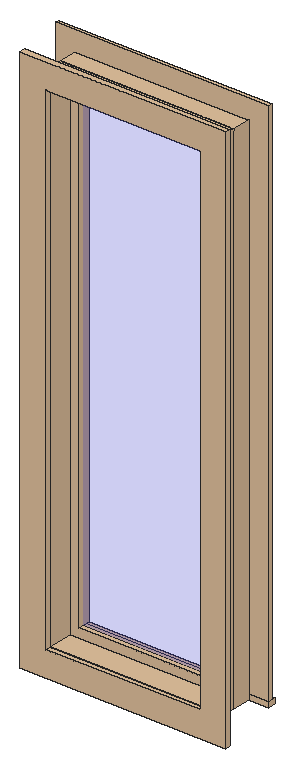
Revit family
Parameters (values of type "0610 x 1830mm")
  유리 창 재료 = 유리
  Height = 1830.00 mm
  섀시 = 섀시
  기본 씰 높이 = 610.00 mm
  자르기 외부 재료 = 자르기
  자르기 내부 재료 = 자르기
  자르기 투영 - 외부 = 13.00 mm
  자르기 투영 - 내부 = 19.00 mm
  자르기 폭 - 외부 = 89.00 mm
  자르기 폭 - 내부 = 88.90 mm
  Wall Closure = (empty or 0)
  Width = 610.00 mm
  창 인세트 = 19.00 mm
Types (10, lengths in mm): name | Height | 기본 씰 높이 | 자르기 투영 - 내부 | 자르기 폭 - 내부 | Width
  (no name) | 1830.00 | 610.00 | 19.00 | 88.90 | 610.00
  0915 x 1220mm | 1220.00 | 915.00 | 19.00 | 89.00 | 915.00
  0610 x 1220mm | 1220.00 | 915.00 | 19.00 | 89.00 | 610.00
  0610 x 0610mm | 610.00 | 915.00 | 9.00 | 89.00 | 610.00
  0406 x 0610mm | 610.00 | 915.00 | 19.00 | 89.00 | 406.00
  0406 x 1220mm | 1220.00 | 915.00 | 19.00 | 89.00 | 406.00
  0406 x 1830mm | 1830.00 | 305.00 | 19.00 | 89.00 | 406.00
  0610 x 1830mm | 1830.00 | 610.00 | 19.00 | 88.90 | 610.00
  0915 x 0610mm | 610.00 | 915.00 | 19.00 | 89.00 | 915.00
  0915 x 1830mm | 1830.00 | 305.00 | 19.00 | 89.00 | 915.00
Reference planes
  plane 1: y = 0
  plane 2: z = 0
  plane 3 "중심": x = 0
  plane 4 "왼쪽": x = -305
  plane 5 "오른쪽": x = 305
  plane 6 "씰": z = 610
  plane 7 "상단": z = 2440
  plane 8: y = 76.2
  plane 9: y = -76.2
  plane 10: y = 57.2
  plane 11: x = -273.25
  plane 12: x = -285.95
  plane 13: x = -362.15
  plane 14: x = -374.95
  plane 15: x = 273.25
  plane 16: x = 362.15
  plane 17: x = 374.95
  plane 18: x = 285.95
  plane 19: z = 2497.15
  plane 20: z = 2509.95
  plane 21: z = 2408.25
  plane 22: z = 2420.95
  plane 23: z = 552.85
  plane 24: z = 641.75
  plane 25 "마무리": y = 28.625
Forms (mm)
  Extrusion 1, solid, material "자르기" <- "자르기 외부 재료"
    sketch origin (0, 0, 0) x (1, 0, 0) y (0, 0, 1)
      loop
        line (-305, 2440) -> (-305, 610) -> (305, 610) -> (305, 2440) -> (-305, 2440)
      loop
        line (-285.95, 2420.95) -> (-285.95, 629.05) -> (285.95, 629.05) -> (285.95, 2420.95) -> (-285.95, 2420.95)
    from -76.2 to -12.75
  Extrusion 2, solid, material "자르기" <- "자르기 내부 재료"
    sketch origin (0, 0, 0) x (-1, 0, 0) y (0, 0, 1)
      loop
        line (-305, 2440) -> (-305, 610) -> (305, 610) -> (305, 2440) -> (-305, 2440)
      loop
        line (-273.25, 2408.25) -> (-273.25, 641.75) -> (273.25, 641.75) -> (273.25, 2408.25) -> (-273.25, 2408.25)
    from 12.75 to -76.2
  Extrusion 3, solid, material "섀시" <- "섀시"
    sketch origin (0, 0, 0) x (-1, 0, 0) y (0, 0, 1)
      loop
        line (-285.95, 2420.95) -> (-285.95, 629.05) -> (285.95, 629.05) -> (285.95, 2420.95) -> (-285.95, 2420.95)
      loop
        line (-241.5, 2376.5) -> (-241.5, 673.5) -> (241.5, 673.5) -> (241.5, 2376.5) -> (-241.5, 2376.5)
    from 12.75 to 57.2
  Extrusion 4, solid, material "유리" <- "유리 창 재료"
    sketch origin (-124.971, 0, -117.036) x (1, 0, 0) y (0, 0, 1)
      loop
        line (-116.529, 2493.536) -> (-116.529, 790.536) -> (366.471, 790.536) -> (366.471, 2493.536) -> (-116.529, 2493.536)
    from -41.325 to -28.625
  Extrusion 5, solid, material "자르기" <- "자르기 내부 재료"
    sketch origin (0, 0, 0) x (1, 0, 0) y (0, 0, 1)
      loop
        line (-273.25, 2408.25) -> (-273.25, 641.75) -> (273.25, 641.75) -> (273.25, 2408.25) -> (-273.25, 2408.25)
      loop
        line (-362.15, 2497.15) -> (-362.15, 552.85) -> (362.15, 552.85) -> (362.15, 2497.15) -> (-362.15, 2497.15)
    from 76.2 to 95.2
  Extrusion 6, solid, material "자르기" <- "자르기 외부 재료"
    sketch origin (0, 0, 0) x (-1, 0, 0) y (0, 0, 1)
      loop
        line (-285.95, 2420.95) -> (285.95, 2420.95) -> (285.95, 629.05) -> (374.95, 629.05) -> (374.95, 2509.95) -> (-374.95, 2509.95) -> (-374.95, 629.05) -> (-285.95, 629.05) -> (-285.95, 2420.95)
    from 76.2 to 89.2
  Extrusion 7, solid, material "자르기" <- "자르기 외부 재료"
    sketch origin (0, 0, 0) x (-1, 0, 0) y (0, 0, 1)
      loop
        line (-374.95, 629.05) -> (-374.95, 610) -> (374.95, 610) -> (374.95, 629.05) -> (-374.95, 629.05)
    from 76.2 to 101.9
Lines and regions (mm)
  Opening 1
    outline origin (-1524, -76.2, 0) x (1, 0, 0) y (0, 0, 1)
      loop
        line (1219, 2440) -> (1219, 610) -> (1829, 610) -> (1829, 2440) -> (1219, 2440)
  symbolic lines, style "WindowsFrameMullionProjection"
    curve 1: line (-305, 76.2, 0) -> (-285.95, 76.2, 0)
    curve 2: line (-285.95, 12.75, 0) -> (-285.95, 76.2, 0)
    curve 3: line (-285.95, 12.75, 0) -> (-273.25, 12.75, 0)
    curve 4: line (-273.25, -76.2, 0) -> (-273.25, 12.75, 0)
    curve 5: line (305, 76.2, 0) -> (285.95, 76.2, 0)
    curve 6: line (273.25, 12.75, 0) -> (273.25, -76.2, 0)
    curve 7: line (273.25, 12.75, 0) -> (285.95, 12.75, 0)
    curve 8: line (285.95, 12.75, 0) -> (285.95, 76.2, 0)
    curve 9: line (-285.95, 57.2, 0) -> (-241.5, 57.2, 0)
    curve 10: line (-285.95, 57.2, 0) -> (-285.95, 12.75, 0)
    curve 11: line (-285.95, 12.75, 0) -> (-241.5, 12.75, 0)
    curve 12: line (-241.5, 57.2, 0) -> (-241.5, 12.75, 0)
    curve 13: line (285.95, 57.2, 0) -> (241.5, 57.2, 0)
    curve 14: line (285.95, 57.2, 0) -> (285.95, 12.75, 0)
    curve 15: line (285.95, 12.75, 0) -> (241.5, 12.75, 0)
    curve 16: line (241.5, 57.2, 0) -> (241.5, 12.75, 0)
    curve 22: line (-273.25, -76.2, 0) -> (-305, -76.2, 0)
    curve 23: line (273.25, -76.2, 0) -> (305, -76.2, 0)
  symbolic lines, style "WindowsGlassProjection"
    curve 17: line (-241.5, 34.975, 0) -> (241.5, 34.975, 0)
  symbolic lines, style "입면도 스윙"
    curve 18: line (241.5, 57.2, 673.5) -> (0, 57.2, 2376.5)
    curve 19: line (0, 57.2, 2376.5) -> (-241.5, 57.2, 673.5)
    curve 20: line (-241.5, 12.75, 673.5) -> (0, 12.75, 2376.5)
    curve 21: line (241.5, 12.75, 673.5) -> (0, 12.75, 2376.5)
Text (mm)
  text "외부" at (-1437.207, 772.553, 0), in view "바닥 선"
  text "내부" at (-1437.207, -675.393, 0), in view "바닥 선"
  text "외부" at (0, 1108.87, 3415.022), in view "왼쪽"
  text "외부" at (0, 464.664, 3176.206), in view "오른쪽"
Dimensions and locks
  equal spacing: plane 4 "왼쪽", plane 3 "중심", plane 5 "오른쪽"
  "Width": plane 4 "왼쪽" to plane 5 "오른쪽"
  "창 인세트": plane 8 to plane 10
  locked: plane 10 to Extrusion 3 at 44.45
  locked: plane 10 to Extrusion 4 at 15.875
  locked: Extrusion 4 to Extrusion 4 at 12.7
  "자르기 투영 - 내부": Extrusion 5 to Extrusion 5
  "자르기 투영 - 외부": Extrusion 6 to Extrusion 6
  locked: Extrusion 7 to Extrusion 6 at 12.7
  locked: plane 4 "왼쪽" to plane 12 at 19.05
  locked: plane 18 to plane 5 "오른쪽" at 19.05
  locked: plane 15 to plane 5 "오른쪽" at 31.75
  locked: plane 4 "왼쪽" to plane 11 at 31.75
  locked: plane 22 to plane 7 "상단" at 19.05
  "자르기 폭 - 외부": plane 22 to plane 20
  "자르기 폭 - 외부": plane 18 to plane 17
  "자르기 폭 - 외부": plane 14 to plane 12
  "자르기 폭 - 내부": plane 13 to plane 11
  "자르기 폭 - 내부": plane 15 to plane 16
  locked: plane 24 to plane 6 "씰" at 31.75
  "자르기 폭 - 내부": plane 24 to plane 23
  "자르기 폭 - 내부": plane 19 to plane 21
  locked: plane 7 "상단" to plane 21 at 31.75
  locked: Extrusion 7 sketch curve to Extrusion 7 sketch curve at 19.05
  "Height": plane 7 "상단" to plane 6 "씰"
  "기본 씰 높이": plane 6 "씰" to plane 2
  locked: plane 25 "마무리" to plane 8 at 47.575
  aligned and locked: plane 7 "상단" to Opening 1 sketch curve
  aligned and locked: plane 6 "씰" to Opening 1 sketch curve  (x2)
  aligned and locked: plane 5 "오른쪽" to Opening 1 sketch curve
  aligned and locked: plane 4 "왼쪽" to Opening 1 sketch curve
  aligned and locked: plane 9 to host wall
  aligned and locked: host wall to Extrusion 2
  aligned and locked: plane 10 to Extrusion 3
  aligned and locked: host wall to plane 8
  aligned and locked: host wall to Extrusion 1
  aligned and locked: Extrusion 2 to Extrusion 1
  aligned and locked: Extrusion 1 to Extrusion 3
  aligned and locked: Extrusion 4 sketch curve to Extrusion 3  (x4)
  aligned and locked: curve 5 to Extrusion 1  (x2)
  aligned and locked: curve 6 to Extrusion 2
  aligned and locked: curve 4 to Extrusion 2
  aligned and locked: curve 16 to Extrusion 3
  aligned and locked: Extrusion 1 to curve 11
  aligned and locked: Extrusion 1 to curve 7
  aligned and locked: Extrusion 3 to curve 18
  aligned and locked: Extrusion 5 sketch curve to Extrusion 2  (x4)
  aligned and locked: Extrusion 5 to host wall
  aligned and locked: Extrusion 7 sketch curve to Extrusion 6  (x2)
  aligned and locked: Extrusion 7 to host wall
  aligned and locked: Extrusion 6 to host wall
Automatic sketch dimensions
  Extrusion 1 sketch curve to plane 4 "왼쪽" = 0.00 mm
  Extrusion 1 sketch curve to plane 5 "오른쪽" = 0.00 mm
  Extrusion 1 sketch curve to plane 4 "왼쪽" = 19.05 mm
  plane 5 "오른쪽" to Extrusion 1 sketch curve = 19.05 mm
  Extrusion 1 sketch curve to plane 6 "씰" = 0.00 mm
  Extrusion 1 sketch curve to plane 7 "상단" = 0.00 mm
  Extrusion 1 sketch curve to plane 6 "씰" = 19.05 mm
  plane 7 "상단" to Extrusion 1 sketch curve = 19.05 mm
  Extrusion 2 sketch curve to plane 5 "오른쪽" = 0.00 mm
  Extrusion 2 sketch curve to plane 4 "왼쪽" = 0.00 mm
  plane 5 "오른쪽" to Extrusion 2 sketch curve = 31.75 mm
  Extrusion 2 sketch curve to plane 4 "왼쪽" = 31.75 mm
  Extrusion 2 sketch curve to plane 6 "씰" = 0.00 mm
  Extrusion 2 sketch curve to plane 7 "상단" = 0.00 mm
  Extrusion 2 sketch curve to plane 6 "씰" = 31.75 mm
  plane 7 "상단" to Extrusion 2 sketch curve = 31.75 mm
  plane 5 "오른쪽" to Extrusion 3 sketch curve = 19.05 mm
  plane 5 "오른쪽" to Extrusion 3 sketch curve = 63.50 mm
  Extrusion 3 sketch curve to plane 4 "왼쪽" = 63.50 mm
  Extrusion 3 sketch curve to plane 4 "왼쪽" = 19.05 mm
  Extrusion 3 sketch curve to plane 6 "씰" = 19.05 mm
  Extrusion 3 sketch curve to plane 6 "씰" = 63.50 mm
  plane 7 "상단" to Extrusion 3 sketch curve = 63.50 mm
  plane 7 "상단" to Extrusion 3 sketch curve = 19.05 mm
  curve 20 to plane 3 "중심" = 0.00 mm
  curve 20 to curve 19 = 0.00 mm
  curve 20 to plane 6 "씰" = 63.50 mm
  curve 21 to plane 6 "씰" = 63.50 mm
  curve 19 to curve 20 = 0.00 mm  (x2)
  curve 18 to curve 21 = 0.00 mm  (x2)
  curve 19 to plane 3 "중심" = 0.00 mm
  curve 20 to plane 4 "왼쪽" = 63.50 mm
  plane 5 "오른쪽" to curve 21 = 63.50 mm
  curve 22 to plane 4 "왼쪽" = 0.00 mm
  curve 1 to plane 4 "왼쪽" = 0.00 mm
  curve 2 to plane 8 = 0.00 mm
  curve 10 to plane 10 = 0.00 mm
  curve 13 to plane 10 = 0.00 mm
  curve 23 to plane 5 "오른쪽" = 0.00 mm
  curve 1 to curve 2 = 19.05 mm
  curve 9 to curve 12 = 44.45 mm
  plane 5 "오른쪽" to curve 13 = 19.05 mm
  curve 23 to plane 9 = 0.00 mm
  curve 4 to plane 9 = 0.00 mm
  curve 11 to curve 17 = 22.225 mm
  Extrusion 7 sketch curve to plane 14 = 0.00 mm
  Extrusion 5 sketch curve to plane 13 = 0.00 mm
  Extrusion 5 sketch curve to plane 16 = 0.00 mm
  Extrusion 5 sketch curve to plane 23 = 0.00 mm
  Extrusion 5 sketch curve to plane 19 = 0.00 mm
  Extrusion 6 sketch curve to plane 17 = 0.00 mm
  Extrusion 6 sketch curve to plane 18 = 0.00 mm
  Extrusion 6 sketch curve to plane 12 = 0.00 mm
  Extrusion 6 sketch curve to plane 14 = 0.00 mm
  Extrusion 6 sketch curve to plane 22 = 0.00 mm
  Extrusion 6 sketch curve to plane 20 = 0.00 mm
  Extrusion 6 sketch curve to plane 6 "씰" = 19.05 mm  (x2)
